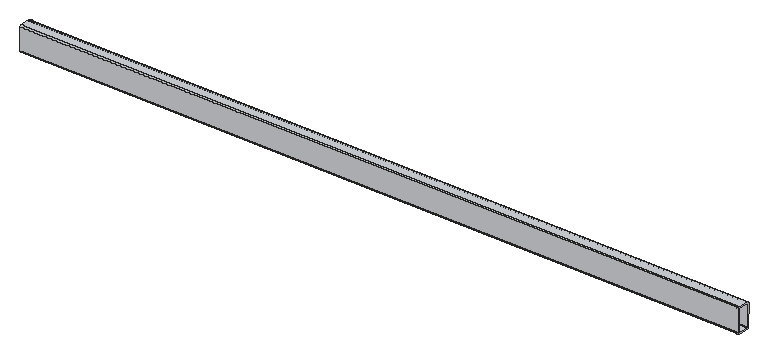
Revit family "CENTUM Profil XL 200 6m L2D", category HLS-Bauteile, Revit 2023 (continued)
Nested families
  nested 305: "Langloch 14 x 65 2D" at (4040, 50, 150) x (-1, 0, 0) z (0, 1, 0), type "Langloch 14 x 65 2D"
  nested 306: "Langloch 14 x 65 2D" at (4040, 50, 50) x (-1, 0, 0) z (0, 1, 0), type "Langloch 14 x 65 2D"
  nested 307: "Langloch 14 x 65 2D" at (4120, 0, 200) x (-1, 0, 0) z (0, 0, 1), type "Langloch 14 x 65 2D"
  nested 308: "Langloch 14 x 65 2D" at (4120, -50, 150) x (-1, 0, 0) z (0, -1, 0), type "Langloch 14 x 65 2D"
  nested 309: "Langloch 14 x 65 2D" at (4120, -50, 50) x (-1, 0, 0) z (0, -1, 0), type "Langloch 14 x 65 2D"
  nested 310: "Langloch 14 x 65 2D" at (4120, 0, 0) x (-1, 0, 0) z (0, 0, -1), type "Langloch 14 x 65 2D"
  nested 311: "Langloch 14 x 65 2D" at (4120, 50, 150) x (-1, 0, 0) z (0, 1, 0), type "Langloch 14 x 65 2D"
  nested 312: "Langloch 14 x 65 2D" at (4120, 50, 50) x (-1, 0, 0) z (0, 1, 0), type "Langloch 14 x 65 2D"
  nested 313: "Langloch 14 x 65 2D" at (4200, 0, 200) x (-1, 0, 0) z (0, 0, 1), type "Langloch 14 x 65 2D"
  nested 314: "Langloch 14 x 65 2D" at (4200, -50, 150) x (-1, 0, 0) z (0, -1, 0), type "Langloch 14 x 65 2D"
  nested 315: "Langloch 14 x 65 2D" at (4200, -50, 50) x (-1, 0, 0) z (0, -1, 0), type "Langloch 14 x 65 2D"
  nested 316: "Langloch 14 x 65 2D" at (4200, 0, 0) x (-1, 0, 0) z (0, 0, -1), type "Langloch 14 x 65 2D"
  nested 317: "Langloch 14 x 65 2D" at (4200, 50, 150) x (-1, 0, 0) z (0, 1, 0), type "Langloch 14 x 65 2D"
  nested 318: "Langloch 14 x 65 2D" at (4200, 50, 50) x (-1, 0, 0) z (0, 1, 0), type "Langloch 14 x 65 2D"
  nested 319: "Langloch 14 x 65 2D" at (4280, 0, 200) x (-1, 0, 0) z (0, 0, 1), type "Langloch 14 x 65 2D"
  nested 320: "Langloch 14 x 65 2D" at (4280, -50, 150) x (-1, 0, 0) z (0, -1, 0), type "Langloch 14 x 65 2D"
  nested 321: "Langloch 14 x 65 2D" at (4280, -50, 50) x (-1, 0, 0) z (0, -1, 0), type "Langloch 14 x 65 2D"
  nested 322: "Langloch 14 x 65 2D" at (4280, 0, 0) x (-1, 0, 0) z (0, 0, -1), type "Langloch 14 x 65 2D"
  nested 323: "Langloch 14 x 65 2D" at (4280, 50, 150) x (-1, 0, 0) z (0, 1, 0), type "Langloch 14 x 65 2D"
  nested 324: "Langloch 14 x 65 2D" at (4280, 50, 50) x (-1, 0, 0) z (0, 1, 0), type "Langloch 14 x 65 2D"
  nested 325: "Langloch 14 x 65 2D" at (4360, 0, 200) x (-1, 0, 0) z (0, 0, 1), type "Langloch 14 x 65 2D"
  nested 326: "Langloch 14 x 65 2D" at (4360, -50, 150) x (-1, 0, 0) z (0, -1, 0), type "Langloch 14 x 65 2D"
  nested 327: "Langloch 14 x 65 2D" at (4360, -50, 50) x (-1, 0, 0) z (0, -1, 0), type "Langloch 14 x 65 2D"
  nested 328: "Langloch 14 x 65 2D" at (4360, 0, 0) x (-1, 0, 0) z (0, 0, -1), type "Langloch 14 x 65 2D"
  nested 329: "Langloch 14 x 65 2D" at (4360, 50, 150) x (-1, 0, 0) z (0, 1, 0), type "Langloch 14 x 65 2D"
  nested 330: "Langloch 14 x 65 2D" at (4360, 50, 50) x (-1, 0, 0) z (0, 1, 0), type "Langloch 14 x 65 2D"
  nested 331: "Langloch 14 x 65 2D" at (4440, 0, 200) x (-1, 0, 0) z (0, 0, 1), type "Langloch 14 x 65 2D"
  nested 332: "Langloch 14 x 65 2D" at (4440, -50, 150) x (-1, 0, 0) z (0, -1, 0), type "Langloch 14 x 65 2D"
  nested 333: "Langloch 14 x 65 2D" at (4440, -50, 50) x (-1, 0, 0) z (0, -1, 0), type "Langloch 14 x 65 2D"
  nested 334: "Langloch 14 x 65 2D" at (4440, 0, 0) x (-1, 0, 0) z (0, 0, -1), type "Langloch 14 x 65 2D"
  nested 335: "Langloch 14 x 65 2D" at (4440, 50, 150) x (-1, 0, 0) z (0, 1, 0), type "Langloch 14 x 65 2D"
  nested 336: "Langloch 14 x 65 2D" at (4440, 50, 50) x (-1, 0, 0) z (0, 1, 0), type "Langloch 14 x 65 2D"
  nested 337: "Langloch 14 x 65 2D" at (4520, 0, 200) x (-1, 0, 0) z (0, 0, 1), type "Langloch 14 x 65 2D"
  nested 338: "Langloch 14 x 65 2D" at (4520, -50, 150) x (-1, 0, 0) z (0, -1, 0), type "Langloch 14 x 65 2D"
  nested 339: "Langloch 14 x 65 2D" at (4520, -50, 50) x (-1, 0, 0) z (0, -1, 0), type "Langloch 14 x 65 2D"
  nested 340: "Langloch 14 x 65 2D" at (4520, 0, 0) x (-1, 0, 0) z (0, 0, -1), type "Langloch 14 x 65 2D"
  nested 341: "Langloch 14 x 65 2D" at (4520, 50, 150) x (-1, 0, 0) z (0, 1, 0), type "Langloch 14 x 65 2D"
  nested 342: "Langloch 14 x 65 2D" at (4520, 50, 50) x (-1, 0, 0) z (0, 1, 0), type "Langloch 14 x 65 2D"
  nested 343: "Langloch 14 x 65 2D" at (4600, 0, 200) x (-1, 0, 0) z (0, 0, 1), type "Langloch 14 x 65 2D"
  nested 344: "Langloch 14 x 65 2D" at (4600, -50, 150) x (-1, 0, 0) z (0, -1, 0), type "Langloch 14 x 65 2D"
  nested 345: "Langloch 14 x 65 2D" at (4600, -50, 50) x (-1, 0, 0) z (0, -1, 0), type "Langloch 14 x 65 2D"
  nested 346: "Langloch 14 x 65 2D" at (4600, 0, 0) x (-1, 0, 0) z (0, 0, -1), type "Langloch 14 x 65 2D"
  nested 347: "Langloch 14 x 65 2D" at (4600, 50, 150) x (-1, 0, 0) z (0, 1, 0), type "Langloch 14 x 65 2D"
  nested 348: "Langloch 14 x 65 2D" at (4600, 50, 50) x (-1, 0, 0) z (0, 1, 0), type "Langloch 14 x 65 2D"
  nested 349: "Langloch 14 x 65 2D" at (4680, 0, 200) x (-1, 0, 0) z (0, 0, 1), type "Langloch 14 x 65 2D"
  nested 350: "Langloch 14 x 65 2D" at (4680, -50, 150) x (-1, 0, 0) z (0, -1, 0), type "Langloch 14 x 65 2D"
  nested 351: "Langloch 14 x 65 2D" at (4680, -50, 50) x (-1, 0, 0) z (0, -1, 0), type "Langloch 14 x 65 2D"
  nested 352: "Langloch 14 x 65 2D" at (4680, 0, 0) x (-1, 0, 0) z (0, 0, -1), type "Langloch 14 x 65 2D"
  nested 353: "Langloch 14 x 65 2D" at (4680, 50, 150) x (-1, 0, 0) z (0, 1, 0), type "Langloch 14 x 65 2D"
  nested 354: "Langloch 14 x 65 2D" at (4680, 50, 50) x (-1, 0, 0) z (0, 1, 0), type "Langloch 14 x 65 2D"
  nested 355: "Langloch 14 x 65 2D" at (4760, 0, 200) x (-1, 0, 0) z (0, 0, 1), type "Langloch 14 x 65 2D"
  nested 356: "Langloch 14 x 65 2D" at (4760, -50, 150) x (-1, 0, 0) z (0, -1, 0), type "Langloch 14 x 65 2D"
  nested 357: "Langloch 14 x 65 2D" at (4760, -50, 50) x (-1, 0, 0) z (0, -1, 0), type "Langloch 14 x 65 2D"
  nested 358: "Langloch 14 x 65 2D" at (4760, 0, 0) x (-1, 0, 0) z (0, 0, -1), type "Langloch 14 x 65 2D"
  nested 359: "Langloch 14 x 65 2D" at (4760, 50, 150) x (-1, 0, 0) z (0, 1, 0), type "Langloch 14 x 65 2D"
  nested 360: "Langloch 14 x 65 2D" at (4760, 50, 50) x (-1, 0, 0) z (0, 1, 0), type "Langloch 14 x 65 2D"
  nested 361: "Langloch 14 x 65 2D" at (4840, 0, 200) x (-1, 0, 0) z (0, 0, 1), type "Langloch 14 x 65 2D"
  nested 362: "Langloch 14 x 65 2D" at (4840, -50, 150) x (-1, 0, 0) z (0, -1, 0), type "Langloch 14 x 65 2D"
  nested 363: "Langloch 14 x 65 2D" at (4840, -50, 50) x (-1, 0, 0) z (0, -1, 0), type "Langloch 14 x 65 2D"
  nested 364: "Langloch 14 x 65 2D" at (4840, 0, 0) x (-1, 0, 0) z (0, 0, -1), type "Langloch 14 x 65 2D"
  nested 365: "Langloch 14 x 65 2D" at (4840, 50, 150) x (-1, 0, 0) z (0, 1, 0), type "Langloch 14 x 65 2D"
  nested 366: "Langloch 14 x 65 2D" at (4840, 50, 50) x (-1, 0, 0) z (0, 1, 0), type "Langloch 14 x 65 2D"
  nested 367: "Langloch 14 x 65 2D" at (4920, 0, 200) x (-1, 0, 0) z (0, 0, 1), type "Langloch 14 x 65 2D"
  nested 368: "Langloch 14 x 65 2D" at (4920, -50, 150) x (-1, 0, 0) z (0, -1, 0), type "Langloch 14 x 65 2D"
  nested 369: "Langloch 14 x 65 2D" at (4920, -50, 50) x (-1, 0, 0) z (0, -1, 0), type "Langloch 14 x 65 2D"
  nested 370: "Langloch 14 x 65 2D" at (4920, 0, 0) x (-1, 0, 0) z (0, 0, -1), type "Langloch 14 x 65 2D"
  nested 371: "Langloch 14 x 65 2D" at (4920, 50, 150) x (-1, 0, 0) z (0, 1, 0), type "Langloch 14 x 65 2D"
  nested 372: "Langloch 14 x 65 2D" at (4920, 50, 50) x (-1, 0, 0) z (0, 1, 0), type "Langloch 14 x 65 2D"
  nested 373: "Langloch 14 x 65 2D" at (5000, 0, 200) x (-1, 0, 0) z (0, 0, 1), type "Langloch 14 x 65 2D"
  nested 374: "Langloch 14 x 65 2D" at (5000, -50, 150) x (-1, 0, 0) z (0, -1, 0), type "Langloch 14 x 65 2D"
  nested 375: "Langloch 14 x 65 2D" at (5000, -50, 50) x (-1, 0, 0) z (0, -1, 0), type "Langloch 14 x 65 2D"
  nested 376: "Langloch 14 x 65 2D" at (5000, 0, 0) x (-1, 0, 0) z (0, 0, -1), type "Langloch 14 x 65 2D"
  nested 377: "Langloch 14 x 65 2D" at (5000, 50, 150) x (-1, 0, 0) z (0, 1, 0), type "Langloch 14 x 65 2D"
  nested 378: "Langloch 14 x 65 2D" at (5000, 50, 50) x (-1, 0, 0) z (0, 1, 0), type "Langloch 14 x 65 2D"
  nested 379: "Langloch 14 x 65 2D" at (5080, 0, 200) x (-1, 0, 0) z (0, 0, 1), type "Langloch 14 x 65 2D"
  nested 380: "Langloch 14 x 65 2D" at (5080, -50, 150) x (-1, 0, 0) z (0, -1, 0), type "Langloch 14 x 65 2D"
  nested 381: "Langloch 14 x 65 2D" at (5080, -50, 50) x (-1, 0, 0) z (0, -1, 0), type "Langloch 14 x 65 2D"
  nested 382: "Langloch 14 x 65 2D" at (5080, 0, 0) x (-1, 0, 0) z (0, 0, -1), type "Langloch 14 x 65 2D"
  nested 383: "Langloch 14 x 65 2D" at (5080, 50, 150) x (-1, 0, 0) z (0, 1, 0), type "Langloch 14 x 65 2D"
  nested 384: "Langloch 14 x 65 2D" at (5080, 50, 50) x (-1, 0, 0) z (0, 1, 0), type "Langloch 14 x 65 2D"
  nested 385: "Langloch 14 x 65 2D" at (5160, 0, 200) x (-1, 0, 0) z (0, 0, 1), type "Langloch 14 x 65 2D"
  nested 386: "Langloch 14 x 65 2D" at (5160, -50, 150) x (-1, 0, 0) z (0, -1, 0), type "Langloch 14 x 65 2D"
  nested 387: "Langloch 14 x 65 2D" at (5160, -50, 50) x (-1, 0, 0) z (0, -1, 0), type "Langloch 14 x 65 2D"
  nested 388: "Langloch 14 x 65 2D" at (5160, 0, 0) x (-1, 0, 0) z (0, 0, -1), type "Langloch 14 x 65 2D"
  nested 389: "Langloch 14 x 65 2D" at (5160, 50, 150) x (-1, 0, 0) z (0, 1, 0), type "Langloch 14 x 65 2D"
  nested 390: "Langloch 14 x 65 2D" at (5160, 50, 50) x (-1, 0, 0) z (0, 1, 0), type "Langloch 14 x 65 2D"
  nested 391: "Langloch 14 x 65 2D" at (5240, 0, 200) x (-1, 0, 0) z (0, 0, 1), type "Langloch 14 x 65 2D"
  nested 392: "Langloch 14 x 65 2D" at (5240, -50, 150) x (-1, 0, 0) z (0, -1, 0), type "Langloch 14 x 65 2D"
  nested 393: "Langloch 14 x 65 2D" at (5240, -50, 50) x (-1, 0, 0) z (0, -1, 0), type "Langloch 14 x 65 2D"
  nested 394: "Langloch 14 x 65 2D" at (5240, 0, 0) x (-1, 0, 0) z (0, 0, -1), type "Langloch 14 x 65 2D"
  nested 395: "Langloch 14 x 65 2D" at (5240, 50, 150) x (-1, 0, 0) z (0, 1, 0), type "Langloch 14 x 65 2D"
  nested 396: "Langloch 14 x 65 2D" at (5240, 50, 50) x (-1, 0, 0) z (0, 1, 0), type "Langloch 14 x 65 2D"
  nested 397: "Langloch 14 x 65 2D" at (5320, 0, 200) x (-1, 0, 0) z (0, 0, 1), type "Langloch 14 x 65 2D"
  nested 398: "Langloch 14 x 65 2D" at (5320, -50, 150) x (-1, 0, 0) z (0, -1, 0), type "Langloch 14 x 65 2D"
  nested 399: "Langloch 14 x 65 2D" at (5320, -50, 50) x (-1, 0, 0) z (0, -1, 0), type "Langloch 14 x 65 2D"
  nested 400: "Langloch 14 x 65 2D" at (5320, 0, 0) x (-1, 0, 0) z (0, 0, -1), type "Langloch 14 x 65 2D"
  nested 401: "Langloch 14 x 65 2D" at (5320, 50, 150) x (-1, 0, 0) z (0, 1, 0), type "Langloch 14 x 65 2D"
  nested 402: "Langloch 14 x 65 2D" at (5320, 50, 50) x (-1, 0, 0) z (0, 1, 0), type "Langloch 14 x 65 2D"
  nested 403: "Langloch 14 x 65 2D" at (5400, 0, 200) x (-1, 0, 0) z (0, 0, 1), type "Langloch 14 x 65 2D"
  nested 404: "Langloch 14 x 65 2D" at (5400, -50, 150) x (-1, 0, 0) z (0, -1, 0), type "Langloch 14 x 65 2D"
  nested 405: "Langloch 14 x 65 2D" at (5400, -50, 50) x (-1, 0, 0) z (0, -1, 0), type "Langloch 14 x 65 2D"
  nested 406: "Langloch 14 x 65 2D" at (5400, 0, 0) x (-1, 0, 0) z (0, 0, -1), type "Langloch 14 x 65 2D"
  nested 407: "Langloch 14 x 65 2D" at (5400, 50, 150) x (-1, 0, 0) z (0, 1, 0), type "Langloch 14 x 65 2D"
  nested 408: "Langloch 14 x 65 2D" at (5400, 50, 50) x (-1, 0, 0) z (0, 1, 0), type "Langloch 14 x 65 2D"
  nested 409: "Langloch 14 x 65 2D" at (5480, 0, 200) x (-1, 0, 0) z (0, 0, 1), type "Langloch 14 x 65 2D"
  nested 410: "Langloch 14 x 65 2D" at (5480, -50, 150) x (-1, 0, 0) z (0, -1, 0), type "Langloch 14 x 65 2D"
  nested 411: "Langloch 14 x 65 2D" at (5480, -50, 50) x (-1, 0, 0) z (0, -1, 0), type "Langloch 14 x 65 2D"
  nested 412: "Langloch 14 x 65 2D" at (5480, 0, 0) x (-1, 0, 0) z (0, 0, -1), type "Langloch 14 x 65 2D"
  nested 413: "Langloch 14 x 65 2D" at (5480, 50, 150) x (-1, 0, 0) z (0, 1, 0), type "Langloch 14 x 65 2D"
  nested 414: "Langloch 14 x 65 2D" at (5480, 50, 50) x (-1, 0, 0) z (0, 1, 0), type "Langloch 14 x 65 2D"
  nested 415: "Langloch 14 x 65 2D" at (5560, 0, 200) x (-1, 0, 0) z (0, 0, 1), type "Langloch 14 x 65 2D"
  nested 416: "Langloch 14 x 65 2D" at (5560, -50, 150) x (-1, 0, 0) z (0, -1, 0), type "Langloch 14 x 65 2D"
  nested 417: "Langloch 14 x 65 2D" at (5560, -50, 50) x (-1, 0, 0) z (0, -1, 0), type "Langloch 14 x 65 2D"
  nested 418: "Langloch 14 x 65 2D" at (5560, 0, 0) x (-1, 0, 0) z (0, 0, -1), type "Langloch 14 x 65 2D"
  nested 419: "Langloch 14 x 65 2D" at (5560, 50, 150) x (-1, 0, 0) z (0, 1, 0), type "Langloch 14 x 65 2D"
  nested 420: "Langloch 14 x 65 2D" at (5560, 50, 50) x (-1, 0, 0) z (0, 1, 0), type "Langloch 14 x 65 2D"
  nested 421: "Langloch 14 x 65 2D" at (5640, 0, 200) x (-1, 0, 0) z (0, 0, 1), type "Langloch 14 x 65 2D"
  nested 422: "Langloch 14 x 65 2D" at (5640, -50, 150) x (-1, 0, 0) z (0, -1, 0), type "Langloch 14 x 65 2D"
  nested 423: "Langloch 14 x 65 2D" at (5640, -50, 50) x (-1, 0, 0) z (0, -1, 0), type "Langloch 14 x 65 2D"
  nested 424: "Langloch 14 x 65 2D" at (5640, 0, 0) x (-1, 0, 0) z (0, 0, -1), type "Langloch 14 x 65 2D"
  nested 425: "Langloch 14 x 65 2D" at (5640, 50, 150) x (-1, 0, 0) z (0, 1, 0), type "Langloch 14 x 65 2D"
  nested 426: "Langloch 14 x 65 2D" at (5640, 50, 50) x (-1, 0, 0) z (0, 1, 0), type "Langloch 14 x 65 2D"
  nested 427: "Langloch 14 x 65 2D" at (5720, 0, 200) x (-1, 0, 0) z (0, 0, 1), type "Langloch 14 x 65 2D"
  nested 428: "Langloch 14 x 65 2D" at (5720, -50, 150) x (-1, 0, 0) z (0, -1, 0), type "Langloch 14 x 65 2D"
  nested 429: "Langloch 14 x 65 2D" at (5720, -50, 50) x (-1, 0, 0) z (0, -1, 0), type "Langloch 14 x 65 2D"
  nested 430: "Langloch 14 x 65 2D" at (5720, 0, 0) x (-1, 0, 0) z (0, 0, -1), type "Langloch 14 x 65 2D"
  nested 431: "Langloch 14 x 65 2D" at (5720, 50, 150) x (-1, 0, 0) z (0, 1, 0), type "Langloch 14 x 65 2D"
  nested 432: "Langloch 14 x 65 2D" at (5720, 50, 50) x (-1, 0, 0) z (0, 1, 0), type "Langloch 14 x 65 2D"
  nested 433: "Langloch 14 x 65 2D" at (5800, 0, 200) x (-1, 0, 0) z (0, 0, 1), type "Langloch 14 x 65 2D"
  nested 434: "Langloch 14 x 65 2D" at (5800, -50, 150) x (-1, 0, 0) z (0, -1, 0), type "Langloch 14 x 65 2D"
  nested 435: "Langloch 14 x 65 2D" at (5800, -50, 50) x (-1, 0, 0) z (0, -1, 0), type "Langloch 14 x 65 2D"
  nested 436: "Langloch 14 x 65 2D" at (5800, 0, 0) x (-1, 0, 0) z (0, 0, -1), type "Langloch 14 x 65 2D"
  nested 437: "Langloch 14 x 65 2D" at (5800, 50, 150) x (-1, 0, 0) z (0, 1, 0), type "Langloch 14 x 65 2D"
  nested 438: "Langloch 14 x 65 2D" at (5800, 50, 50) x (-1, 0, 0) z (0, 1, 0), type "Langloch 14 x 65 2D"
  nested 439: "Langloch 14 x 65 2D" at (5880, 0, 200) x (-1, 0, 0) z (0, 0, 1), type "Langloch 14 x 65 2D"
  nested 440: "Langloch 14 x 65 2D" at (5880, -50, 150) x (-1, 0, 0) z (0, -1, 0), type "Langloch 14 x 65 2D"
  nested 441: "Langloch 14 x 65 2D" at (5880, -50, 50) x (-1, 0, 0) z (0, -1, 0), type "Langloch 14 x 65 2D"
  nested 442: "Langloch 14 x 65 2D" at (5880, 0, 0) x (-1, 0, 0) z (0, 0, -1), type "Langloch 14 x 65 2D"
  nested 443: "Langloch 14 x 65 2D" at (5880, 50, 150) x (-1, 0, 0) z (0, 1, 0), type "Langloch 14 x 65 2D"
  nested 444: "Langloch 14 x 65 2D" at (5880, 50, 50) x (-1, 0, 0) z (0, 1, 0), type "Langloch 14 x 65 2D"
  nested 445: "Langloch 14 x 65 2D" at (5960, 0, 200) x (-1, 0, 0) z (0, 0, 1), type "Langloch 14 x 65 2D"
  nested 446: "Langloch 14 x 65 2D" at (5960, -50, 150) x (-1, 0, 0) z (0, -1, 0), type "Langloch 14 x 65 2D"
  nested 447: "Langloch 14 x 65 2D" at (5960, -50, 50) x (-1, 0, 0) z (0, -1, 0), type "Langloch 14 x 65 2D"
  nested 448: "Langloch 14 x 65 2D" at (5960, 0, 0) x (-1, 0, 0) z (0, 0, -1), type "Langloch 14 x 65 2D"
  nested 449: "Langloch 14 x 65 2D" at (5960, 50, 150) x (-1, 0, 0) z (0, 1, 0), type "Langloch 14 x 65 2D"
  nested 450: "Langloch 14 x 65 2D" at (5960, 50, 50) x (-1, 0, 0) z (0, 1, 0), type "Langloch 14 x 65 2D"
Definition of nested family "Langloch 14 x 65 2D"
  Parameters (values of type "Langloch 14 x 65 2D")
    Default Elevation = 1219.2 mm
  Reference planes
    plane 1 "Mitte (Vorne/hinten)": y = 0
    plane 2: z = 0
    plane 3 "Mitte (Links/rechts)": x = 0
  Forms (mm)
    Extrusion 1, solid
      sketch origin (0, 0, 0) x (1, 0, 0) y (0, 1, 0)
        loop
          line (-1219.2, 1219.2) -> (-1219.2, -1219.2) -> (1219.2, -1219.2) -> (1219.2, 1219.2) -> (-1219.2, 1219.2)
      from 0 to -304.8
  Lines and regions (mm)
    model lines, detail levels fine
      curve 1: line (-40, 0, 0) -> (40, 0, 0)
      curve 2: line (0, 15, 0) -> (0, -15, 0)
      curve 3: line (0, 0, 20) -> (0, 0, -20)
    model lines
      curve 4: line (0, 6.991, 0) -> (30, 6.991, 0)
      curve 5: line (0, -7.011, 0) -> (30, -7.011, 0)
      curve 6: line (0, -7.011, 0) -> (-30, -7.011, 0)
      curve 7: line (0, 6.991, 0) -> (-30, 6.991, 0)
      curve 8: line (-32.5, 4.999, 0) -> (-32.5, -5.001, 0)
      curve 9: line (32.5, -5.001, 0) -> (32.5, 4.999, 0)
      curve 10: arc (30, 6.991, 0) -> (31.598, 6.432, 0) -> (32.5, 4.999, 0) r 2.565
      curve 11: arc (30, -7.011, 0) -> (31.732, -6.605, 0) -> (32.5, -5.001, 0) r 2.058
      curve 12: arc (-30, -7.011, 0) -> (-31.604, -6.446, 0) -> (-32.5, -5.001, 0) r 2.56
      curve 13: arc (-30, 6.991, 0) -> (-31.73, 6.598, 0) -> (-32.5, 4.999, 0) r 2.044
  Dimensions and locks
    aligned and locked: plane 2 to Extrusion 1
    aligned and locked: level to Extrusion 1
